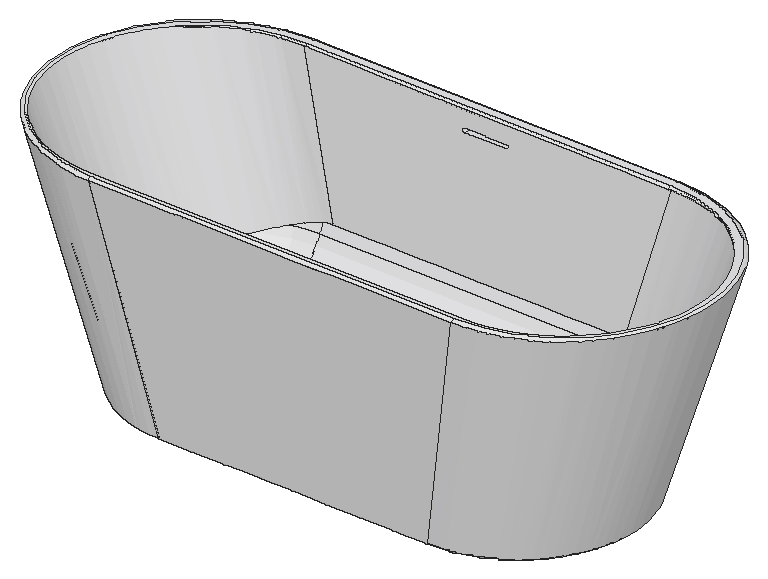
Revit family "Bath-Freestanding-KOHLER-EVOK-K-21095T_1", category Plumbing Fixtures, host Face, Revit 2017
Family settings
  Host = Face
  Round Connector Dimension = Use Diameter
  Part Type = Normal
  OmniClass Number = 23.31.15.00
  OmniClass Title = Bathtubs
  Cut with Voids When Loaded = No
  Shared = No
  Room Calculation Point = No
Parameters (values of type "0-White")
  Width = 66 153/256"  # constant formula
  WaterSense Certified = 1 = 0  # no
  Waste Water Outlet = "Waste Water Outlet"  # constant formula
  Waste Connection = 1 = 1  # yes
  Vent Connection = 1 = 0  # no
  URL = "http://www.kohler.com.cn/"
  Type = 1
  Product Page URL = "https://www.kohler.com.cn/product/K-21095T-0/K-21095T-0/"
  Product Name = "EVOK"  # constant formula
  Product Documentation Link = "https://files.kohler.com.cn/pdfs/1590549810316_K-21095T_cctl.pdf"
  Model = "K-21095T-0"  # constant formula
  Material = "LITHOCAST"  # constant formula
  Master Format 2014 Name = "Residential Bathtubs"  # constant formula
  Master Format 2014 = "22 41 19"  # constant formula
  Manufacturer Address = "Kohler Beijing Office (100016)36-2-03-B, No. 88, Liuxiang Road, Beijing"  # constant formula
  Manufacturer = "KOHLER Co."  # constant formula
  Length = 29 95/256"  # constant formula
  Hot Water Inlet = "Hot Water Inlet"  # constant formula
  Height = 23 105/128"  # constant formula
  HW Connection = 1 = 0  # no
  Finish = Kohler-Lithocast-0-White
  Environmental Product Declaration = ""
  Drain Included = 1 = 1  # yes
  Description = "Eve 1.7m Chimei Stone Bathtub, Project Contribution (including drainage)"  # constant formula
  Default Elevation = 0"
  Declare Label = ""
  Date Modified = "01/21/2021"  # constant formula
  Date Created = "01/21/2021"  # constant formula
  Copyright = "Copyright KOHLER Co."  # constant formula
  Contact Us = "http://www.kohler.com.cn/contact/contact-us/"
  Cold Water Inlet = "Cold Water Inlet"  # constant formula
  CW Connection = 1 = 0  # no
  Assembly Code = "D2010500"
  ADA Compliant = 1 = 0  # no
Reference planes (in)
  plane 1 "Center (Front/Back)": y = 0
  plane 2: z = 0
  plane 3 "Center (Left/Right)": x = 0
  plane 4: y = 14.68504
  plane 5: y = -14.68605
  plane 6: x = -33.30709
  plane 7: x = 33.29057
  plane 8: x = -25.28955
  plane 9: x = 25.308
  plane 10: y = 11.67207
  plane 11: y = -11.67207
  plane 12: z = 23.82031
Dimensions and locks (in)
  "Width": plane 6 to plane 7
  "Length": plane 4 to plane 5
  plane 10 to plane 11 = 23.34414"
  "Height": plane 12 to level
  aligned and locked: plane 2 to host face
  aligned and locked: level to host face
Automatic sketch dimensions
  host sketch curve to host sketch curve = 96"  (x2)
Nested families (in)
  nested 1: "K-21095T" at (0, 0, 0), type "K-21095T"
Connectors (in)
  piping at (0, 0, 2.7084), diameter 0.96484, driven by "Waste Connection", driven by "Waste Water Outlet"
    settings: on nested 1, index 1, connector inside diameter 24", connector length 0", flow factor 0, pipe flow 0 GPM, pressure drop 0.00 psi, fitting loss kfactor 0, connector angle 0.00°, fixture units 0, engagement length 0", angle of deflection 0.00°, flow configuration 0, flow direction 2, fitting loss method 0, system type 16, joint type 0, gender type 0, connector reference index -1, connector utility 1, adjustable connector no, is connector primary yes, connector description "Waste Water Outlet"
Definition of nested family "K-21095T"
  Parameters (values of type "K-21095T")
    Material = none
  Reference planes (in)
    plane 1 "Center (Front/Back)": y = 0
    plane 2: z = 0
    plane 3 "Center (Left/Right)": x = 0
    plane 4: y = 14.68504
    plane 5: y = -14.68504
    plane 6: x = -33.30709
    plane 7: x = 27.5
    plane 8: x = -27.5
    plane 9: y = 13.46457
    plane 10: y = -14.45277
    plane 11: y = -14.25513
    plane 12: y = 14.38976
    plane 13: y = -13.95653
    plane 14: y = 13.17016
    plane 15: y = 8.29792
    plane 16: y = -8.4776
    plane 17: x = 33.2917
    plane 18: z = 22.04724
    plane 19: z = 21.65354
    plane 20: z = 5.03937
    plane 21: z = 23.8189
    plane 22: z = 0.31969
    plane 23: z = 23.60679
    plane 24: z = 0.19685
    plane 25: x = -32.71654
    plane 26: x = 32.76575
    plane 27: x = -25.28955
    plane 28: x = 25.308
    plane 29: y = 11.67207
    plane 30: y = -11.67207
  Forms (in)
    Blend 1, solid, material <- "Material", detail levels medium+fine
      base sketch origin (-0.00364, 1.84989, 0) x (1, 0, 0) y (0, 1, 0)
        loop
          arc (13.81528, -13.51091) -> (25.4763, -1.84985) -> (13.81524, 9.81117) r 11.66104
          line (13.81524, 9.81117) -> (-13.8135, 9.81112)
          arc (-13.8135, 9.81112) -> (-25.47452, -1.84994) -> (-13.81346, -13.51096) r 11.66104
          line (-13.81346, -13.51096) -> (13.81528, -13.51091)
      top sketch origin (-0.00364, 1.84989, 0) x (1, 0, 0) y (0, 1, 0)
        loop
          arc (18.62808, -16.56648) -> (33.34466, -1.84995) -> (18.62813, 12.86663) r 14.71655
          line (18.62813, 12.86663) -> (-18.63873, 12.86669)
          arc (-18.63873, 12.86669) -> (-33.35531, -1.84984) -> (-18.63878, -16.56642) r 14.71655
          line (-18.63878, -16.56642) -> (18.62808, -16.56648)
      from 0.19685 to 24.07757
    Blend 2, void
      base sketch origin (-0.00364, 1.84989, 0) x (1, 0, 0) y (0, 1, 0)
        loop
          arc (13.81528, -13.51091) -> (25.4763, -1.84985) -> (13.81524, 9.81117) r 11.66104
          line (13.81524, 9.81117) -> (-13.8135, 9.81112)
          arc (-13.8135, 9.81112) -> (-25.47452, -1.84994) -> (-13.81346, -13.51096) r 11.66104
          line (-13.81346, -13.51096) -> (13.81528, -13.51091)
      top sketch origin (-0.00364, 1.84989, 0) x (1, 0, 0) y (0, 1, 0)
        loop
          line (-19.02347, -15.87164) -> (19.01611, -15.87161)
          arc (19.01611, -15.87161) -> (32.64068, -2.24702) -> (19.0161, 11.37756) r 13.62459
          line (19.0161, 11.37756) -> (-19.02348, 11.37756)
          arc (-19.02348, 11.37756) -> (-32.64808, -2.24704) -> (-19.02347, -15.87164) r 13.6246
      from 5.03937 to 24.34753
    Sweep 3, solid, material <- "Material", detail levels medium+fine
      path origin (0.125, 0.5625, 0) x (1, 0, 0) y (0, 1, 0)
        loop
          arc (-15.98443, 8.1937) -> (-24.83047, -0.65234) -> (-15.98443, -9.49838) r 8.84604
          line (-15.98443, -9.49838) -> (15.70461, -9.49838)
          arc (15.70461, -9.49838) -> (24.55065, -0.65234) -> (15.70461, 8.1937) r 8.84604
          line (15.70461, 8.1937) -> (-15.98443, 8.1937)
      profile origin (24.67565, -0.08984, 0) x (-1, 0, 0) y (0, 0, 1)
        loop
          line (-2.8141, 8.17094) -> (-3.36429, 9.46709) -> (-2.16576, 4.75607) -> (4.92712, 4.75607) -> (1.65232, 4.98507)
          arc (1.65232, 4.98507) -> (-1.03014, 5.94817) -> (-2.8141, 8.17094) r 5.25
    Extrusion 4, void
      sketch origin (0, 0, 0) x (1, 0, 0) y (0, 1, 0)
        loop
          arc (-13.78565, 10.919) -> (-24.70465, 0) -> (-13.78565, -10.919) r 10.919
          line (-13.78565, -10.919) -> (13.79873, -10.919)
          arc (13.79873, -10.919) -> (24.71773, 0) -> (13.79873, 10.919) r 10.919
          line (13.79873, 10.919) -> (-13.78565, 10.919)
      from -0.83842 to 4.35127
    Extrusion 5, solid, material <- "Material", detail levels medium+fine
      sketch origin (0, 0, 0) x (1, 0, 0) y (0, 1, 0)
        loop
          line (13.77953, 6.69291) -> (13.77953, 3.93701) -> (16.53543, 3.93701) -> (16.53543, 6.69291) -> (13.77953, 6.69291)
        loop
          line (16.53543, -3.93701) -> (13.77953, -3.93701) -> (13.77953, -6.69291) -> (16.53543, -6.69291) -> (16.53543, -3.93701)
        loop
          line (-16.53543, -6.69291) -> (-13.77953, -6.69291) -> (-13.77953, -3.93701) -> (-16.53543, -3.93701) -> (-16.53543, -6.69291)
        loop
          line (-16.53543, 3.93701) -> (-13.77953, 3.93701) -> (-13.77953, 6.69291) -> (-16.53543, 6.69291) -> (-16.53543, 3.93701)
      from 0 to 4.54997
    Revolve 6, solid, material <- "Material", detail levels medium+fine
      sketch origin (0, 0, 0) x (0, 1, 0) y (0, 0, 1)
        loop
          arc (0.59049, 0.59895) -> (1.10545, 0.81225) -> (1.31875, 1.32721) r 0.72826
          line (1.31875, 1.32721) -> (1.31875, 2.56745) -> (1.73228, 2.56745) -> (1.73228, 2.7643) -> (1.31875, 2.7643) -> (1.31875, 4.77685) -> (0, 4.77685) -> (0, 0.59895) -> (0.59049, 0.59895)
        axis (0, 0.59895) -> (0, 4.77685)
      angle from 0 to 360
    Revolve 7, solid, material <- "Material", detail levels medium+fine
      sketch origin (0, 0.00024, 1.27905) x (1, 0, 0) y (0, 1, 0)
        loop
          line (0.63976, -3.58268) -> (0.63976, -2.46485) -> (0.67221, -2.46485) -> (0.67221, -2.06951) -> (0.63976, -2.06951) -> (0.63976, -1.41732) -> (0.59015, -1.41732) -> (0.59015, -0.83268) -> (0, -0.83268) -> (0, -7.27068) -> (0.51181, -7.27068) -> (0.51181, -7.20692)
          arc (0.51181, -7.20692) -> (0.57998, -7.12975) -> (0.51181, -7.05258) r 0.07777
          line (0.51181, -7.05258) -> (0.51181, -6.89003)
          arc (0.51181, -6.89003) -> (0.57998, -6.81286) -> (0.51181, -6.73568) r 0.07777
          line (0.51181, -6.73568) -> (0.51181, -6.57405)
          arc (0.51181, -6.57405) -> (0.57998, -6.49688) -> (0.51181, -6.41971) r 0.07777
          line (0.51181, -6.41971) -> (0.51181, -6.25944)
          arc (0.51181, -6.25944) -> (0.57998, -6.18226) -> (0.51181, -6.10509) r 0.07777
          line (0.51181, -6.10509) -> (0.51181, -5.94171)
          arc (0.51181, -5.94171) -> (0.57998, -5.86454) -> (0.51181, -5.78736) r 0.07777
          line (0.51181, -5.78736) -> (0.51181, -5.62935)
          arc (0.51181, -5.62935) -> (0.57998, -5.55218) -> (0.51181, -5.47501) r 0.07777
          line (0.51181, -5.47501) -> (0.51181, -5.3152)
          arc (0.51181, -5.3152) -> (0.57998, -5.23803) -> (0.51181, -5.16086) r 0.07777
          line (0.51181, -5.16086) -> (0.51181, -5.00105)
          arc (0.51181, -5.00105) -> (0.57998, -4.92388) -> (0.51181, -4.84671) r 0.07777
          line (0.51181, -4.84671) -> (0.51181, -4.68422)
          arc (0.51181, -4.68422) -> (0.57998, -4.60705) -> (0.51181, -4.52988) r 0.07777
          line (0.51181, -4.52988) -> (0.51181, -4.36918)
          arc (0.51181, -4.36918) -> (0.57998, -4.29201) -> (0.51181, -4.21483) r 0.07777
          line (0.51181, -4.21483) -> (0.51181, -4.05469)
          arc (0.51181, -4.05469) -> (0.57998, -3.97752) -> (0.51181, -3.90035) r 0.07777
          line (0.51181, -3.90035) -> (0.51181, -3.73708)
          arc (0.51181, -3.73708) -> (0.57998, -3.65965) -> (0.5113, -3.58268) r 0.07777
          line (0.5113, -3.58268) -> (0.63976, -3.58268)
        axis (0, -7.27068) -> (0, -0.83268)
      angle from 0 to 360
    Sweep 8, solid, material <- "Material", detail levels medium+fine
      path origin (0, 0, 0) x (1, 0, 0) y (0, 1, 0)
        loop
          line (-3.54331, 11.24817) -> (-3.54331, -0.00183)
          arc (-3.54331, -0.00183) -> (0, -3.54514) -> (3.54331, -0.00183) r 3.54331
          line (3.54331, -0.00183) -> (3.54331, 11.24817)
      profile origin (0, -3.54514, 0) x (0, 1, 0) y (0, 0, 1)
        loop
          line (0.00183, 3.79932) -> (0.00183, 3.34656)
          arc (0.00183, 3.34656) -> (0.11717, 3.0681) -> (0.39563, 2.95276) r 0.3938
          line (0.39563, 2.95276) -> (1.06165, 2.95276) -> (1.06165, 5.03937) -> (-0.68835, 5.03937) -> (-0.68835, 4.19094) -> (-0.38979, 4.19094)
          arc (-0.38979, 4.19094) -> (-0.11287, 4.07624) -> (0.00183, 3.79932) r 0.39162
    Extrusion 9, solid, material <- "Material", detail levels medium+fine
      sketch origin (0, 0, 0) x (1, 0, 0) y (0, 1, 0)
        loop
          arc (-2.48166, -0.00183) -> (0, -2.48349) -> (2.48166, -0.00183) r 2.48166
          line (2.48166, -0.00183) -> (2.48166, 11.24817) -> (-2.48166, 11.24817) -> (-2.48166, -0.00183)
      from 2.95276 to 4.35127
    Sweep 10, void
      path origin (0, 0, 0) x (1, 0, 0) y (0, 1, 0)
        loop
          line (18.62449, 14.71652) -> (-18.64237, 14.71659)
          arc (-18.64237, 14.71659) -> (-33.35895, 0.00006) -> (-18.64242, -14.71652) r 14.71655
          line (-18.64242, -14.71652) -> (18.62444, -14.71659)
          arc (18.62444, -14.71659) -> (33.34102, -0.00006) -> (18.62449, 14.71652) r 14.71655
      profile origin (-0.00894, 14.71655, 0) x (-0.000002, -1, 0) y (0, 0, 1)
        loop
          arc (1.2297, 23.8189) -> (1.48528, 23.71951) -> (1.60657, 23.47356) r 0.37831
          line (1.60657, 23.47356) -> (1.68944, 22.52632) -> (1.98016, 22.52632) -> (1.98016, 24.35233) -> (-0.36846, 24.35233) -> (-0.36846, 22.52632) -> (0.13154, 22.52632) -> (0.0152, 23.35412)
          arc (0.0152, 23.35412) -> (0.1113, 23.67857) -> (0.41922, 23.8189) r 0.408
          line (0.41922, 23.8189) -> (1.2297, 23.8189)
    Sweep 11, void
      path origin (0, 0, 0) x (1, 0, 0) y (0, 1, 0)
        loop
          arc (-13.81665, 11.66101) -> (-25.47767, -0.00004) -> (-13.81662, -11.66106) r 11.66104
          line (-13.81662, -11.66106) -> (13.81625, -11.66101)
          arc (13.81625, -11.66101) -> (25.47727, 0.00004) -> (13.81621, 11.66106) r 11.66104
          line (13.81621, 11.66106) -> (-13.81665, 11.66101)
      profile origin (-0.00022, 11.66104, 0) x (-0.000002, 1, 0) y (0, 0, 1)
        loop
          arc (0.17008, 0.57692) -> (0.01411, 0.29842) -> (-0.28535, 0.18794) r 0.46111
          line (-0.28535, 0.18794) -> (-0.58021, 0.18794) -> (-0.58021, -0.21155) -> (0.45073, -0.21155) -> (0.45073, 0.83754) -> (0.21136, 0.83754) -> (0.17008, 0.57692)
    Extrusion 12, void
      sketch origin (0, 0, 0) x (1, 0, 0) y (0, 0, 1)
        loop
          line (2.16524, 22.04724) -> (-2.16503, 22.04724)
          arc (-2.16503, 22.04724) -> (-2.36188, 21.85039) -> (-2.16503, 21.65354) r 0.19685
          line (-2.16503, 21.65354) -> (2.16524, 21.65354)
          arc (2.16524, 21.65354) -> (2.36209, 21.85039) -> (2.16524, 22.04724) r 0.19685
      from -13.95761 to -12.65422
    Extrusion 13, solid, detail levels medium+fine
      sketch origin (0, 0, 0) x (1, 0, 0) y (0, 1, 0)
        loop
          circle (0, 0) r 1.73228
      from 2.42965 to 5.0886
    Sweep 14, solid, material <- "Material", detail levels coarse
      path origin (0, 0, 0) x (1, 0, 0) y (0, 1, 0)
        loop
          arc (-19.3414, 14.65614) -> (-33.99753, 0.00006) -> (-19.34145, -14.65608) r 14.65611
          line (-19.34145, -14.65608) -> (18.77295, -14.65614)
          arc (18.77295, -14.65614) -> (33.42909, -0.00005) -> (18.773, 14.65608) r 14.65611
          line (18.773, 14.65608) -> (-19.3414, 14.65614)
      profile origin (-0.2842, 14.65611, 0) x (0.000002, 1, 0) y (0, 0, 1)
        loop
          line (-2.72932, 0) -> (1.06421, 23.95144) -> (-1.18579, 23.95144) -> (-4.27537, 4.4446) -> (-7.69903, 4.4446) -> (-7.69903, 0) -> (-2.72932, 0)
    Extrusion 15, solid, material <- "Material", detail levels coarse
      sketch origin (0, 0, 0) x (1, 0, 0) y (0, 1, 0)
        loop
          line (-19.34143, -6.95705) -> (18.77297, -6.95711)
          arc (18.77297, -6.95711) -> (25.73006, -0.00004) -> (18.77299, 6.95705) r 6.95708
          line (18.77299, 6.95705) -> (-19.34141, 6.95711)
          arc (-19.34141, 6.95711) -> (-26.2985, 0.00004) -> (-19.34143, -6.95705) r 6.95708
      from 0 to 4.4446
  Cuts and joins
    Blend 2, Extrusion 4, Sweep 10, Sweep 11, Extrusion 12 cuts Blend 1
    Extrusion 12 cuts Sweep 3
    Extrusion 12 cuts Extrusion 5
    Extrusion 12 cuts Revolve 6
    Extrusion 12 cuts Revolve 7
    Extrusion 12 cuts Sweep 8
    Extrusion 12 cuts Extrusion 9
    joined: Blend 1, Sweep 3, Extrusion 5, Revolve 6, Revolve 7, Sweep 8, Extrusion 9
    joined: Sweep 14, Extrusion 15
  Lines and regions (in)
    Masking region 1
      outline origin (0, 0, 0) x (1, 0, 0) y (0, 1, 0)
        loop
          arc (-18.6647, 14.68504) -> (-33.34974, 0) -> (-18.6647, -14.68504) r 14.68504
          line (-18.6647, -14.68504) -> (18.60362, -14.68504)
          arc (18.60362, -14.68504) -> (33.28866, 0) -> (18.60362, 14.68504) r 14.68504
          line (18.60362, 14.68504) -> (-18.6647, 14.68504)
    Masking region 2
      outline origin (0, 0, 0) x (1, 0, 0) y (0, 0, 1)
        loop
          arc (-32.93779, 23.8189) -> (-33.043, 23.81103) -> (-33.14586, 23.7876) r 0.70728
          arc (-33.14586, 23.7876) -> (-33.2792, 23.67586) -> (-33.29232, 23.50238) r 0.22395
          line (-33.29232, 23.50238) -> (-25.52331, 0.32632)
          arc (-25.52331, 0.32632) -> (-25.41921, 0.23127) -> (-25.28251, 0.19685) r 0.28867
          line (-25.28251, 0.19685) -> (-16.53543, 0.19685) -> (-16.53543, 0) -> (-13.77953, 0) -> (-13.77953, 0.19685) -> (13.77953, 0.19685) -> (13.77953, 0) -> (16.53543, 0) -> (16.53543, 0.19685) -> (25.2821, 0.19685)
          arc (25.2821, 0.19685) -> (25.41645, 0.22936) -> (25.52109, 0.31969) r 0.2939
          line (25.52109, 0.31969) -> (33.27652, 23.45525)
          arc (33.27652, 23.45525) -> (33.25369, 23.67716) -> (33.07167, 23.80611) r 0.26994
          arc (33.07167, 23.80611) -> (33.00503, 23.81569) -> (32.93779, 23.8189) r 0.70728
          line (32.93779, 23.8189) -> (-32.93779, 23.8189)
    Masking region 3
      outline origin (0, 0, 0) x (0, 1, 0) y (0, 0, 1)
        loop
          line (14.31682, 23.8189) -> (-14.31682, 23.8189)
          arc (-14.31682, 23.8189) -> (-14.52929, 23.76208) -> (-14.68504, 23.60679) r 0.42567
          line (-14.68504, 23.60679) -> (-11.67207, 0.29761)
          arc (-11.67207, 0.29761) -> (-11.58063, 0.22339) -> (-11.46589, 0.19685) r 0.26132
          line (-11.46589, 0.19685) -> (-6.69291, 0.19685) -> (-6.69291, 0) -> (-3.93701, 0) -> (-3.93701, 0.19685) -> (3.93701, 0.19685) -> (3.93701, 0) -> (6.69291, 0) -> (6.69291, 0.19685) -> (11.46589, 0.19685)
          arc (11.46589, 0.19685) -> (11.58063, 0.22339) -> (11.67207, 0.29761) r 0.26132
          line (11.67207, 0.29761) -> (14.68504, 23.60679)
          arc (14.68504, 23.60679) -> (14.52929, 23.76208) -> (14.31682, 23.8189) r 0.42567
    symbolic lines
      curve 1: line (18.62449, 13.17016, 0) -> (-18.8953, 13.17015, 0)
      curve 6: line (-18.8832, -13.95654, 0) -> (18.86881, -13.95651, 0)
      curve 7: arc (-28.73285, 8.94866, 0) -> (-31.3498, -5.74704, 0) -> (-18.8832, -13.95654, 0) r 13.57036
      curve 8: spline (-18.8953, 13.16882, 0) -> (-19.81135, 13.13788, 0) -> (-20.72327, 13.04518, 0) -> (-21.6269, 12.89116, 0) -> (-22.51813, 12.67652, 0) -> (-23.39289, 12.40223, 0) -> (-24.2472, 12.06955, 0) -> (-25.07715, 11.67999, 0) -> (-25.87896, 11.23533, 0) -> (-26.64899, 10.73759, 0) -> (-27.38371, 10.18905, 0) -> (-28.07978, 9.59221, 0) -> (-28.73402, 8.94978, 0)
      curve 9: line (28.66294, 9.00688, 0) -> (18.62449, 13.17016, 0)
      curve 10: arc (18.86881, -13.95651, 0) -> (31.35122, -5.71004, 0) -> (28.66294, 9.00688, 0) r 13.57035
      curve 23: arc (0, -1.31875, 0) -> (1.31875, 0, 0) -> (0, 1.31875, 0) r 1.31875
      curve 24: arc (0, 1.31875, 0) -> (-1.31875, 0, 0) -> (0, -1.31875, 0) r 1.31875
    symbolic lines, detail levels medium+fine
      curve 2: line (-15.76518, 11.67207, 0) -> (15.82801, 11.67207, 0)
      curve 3: line (15.82961, 8.29792, 0) -> (-15.85943, 8.29792, 0)
      curve 4: line (-15.85943, -8.4776, 0) -> (15.82961, -8.4776, 0)
      curve 5: line (15.82801, -11.67207, 0) -> (-15.76518, -11.67207, 0)
      curve 11: arc (-15.85943, 8.29792, 0) -> (-24.24719, -0.08984, 0) -> (-15.85943, -8.4776, 0) r 8.38776
      curve 12: arc (15.82961, -8.4776, 0) -> (24.21737, -0.08984, 0) -> (15.82961, 8.29792, 0) r 8.38776
      curve 13: line (18.80986, 13.46457, 0) -> (-18.86213, 13.46457, 0)
      curve 14: line (-18.86213, -14.25513, 0) -> (18.7435, -14.25513, 0)
      curve 15: line (-18.69343, -14.45277, 0) -> (18.80986, -14.45277, 0)
      curve 16: line (-18.69343, 14.38976, 0) -> (18.7435, 14.38976, 0)
      curve 17: arc (-18.69343, 14.38976, 0) -> (-33.11469, -0.0315, 0) -> (-18.69343, -14.45277, 0) r 14.42127
      curve 18: arc (-18.86213, 13.46457, 0) -> (-32.72198, -0.39528, 0) -> (-18.86213, -14.25513, 0) r 13.85985
      curve 19: arc (18.7435, -14.25513, 0) -> (33.06594, 0.06732, 0) -> (18.7435, 14.38976, 0) r 14.32245
      curve 20: arc (18.80986, -14.45277, 0) -> (32.76852, -0.4941, 0) -> (18.80986, 13.46457, 0) r 13.95867
      curve 21: arc (0, 1.73228, 0) -> (-1.73228, 0, 0) -> (0, -1.73228, 0) r 1.73228
      curve 22: arc (0, -1.73228, 0) -> (1.73228, 0, 0) -> (0, 1.73228, 0) r 1.73228
      curve 25: line (-16.53543, 0, 0.19685) -> (-13.77953, 0, 0.19685)
      curve 26: line (13.77953, 0, 0.19685) -> (16.53543, 0, 0.19685)
      curve 27: line (-25.52109, 0, 0.31969) -> (25.52109, 0, 0.31969)
      curve 28: line (33.28237, 0, 23.60679) -> (-33.30145, 0, 23.60679)
      curve 29: line (0, 14.68504, 23.60679) -> (0, -14.68504, 23.60679)
      curve 30: line (0, 6.69291, 0.19685) -> (0, 3.93701, 0.19685)
      curve 31: line (0, -3.93701, 0.19685) -> (0, -6.69291, 0.19685)
      curve 32: line (0, -11.67492, 0.31969) -> (0, 11.67492, 0.31969)
      curve 33: arc (-15.76518, -11.67207, 0) -> (-27.43725, 0, 0) -> (-15.76518, 11.67207, 0) r 11.67207
      curve 34: arc (15.82801, 11.67207, 0) -> (27.50008, 0, 0) -> (15.82801, -11.67207, 0) r 11.67207
  Dimensions and locks (in)
    plane 5 to plane 4 = 29.37008"
    plane 5 to plane 1 "Center (Front/Back)" to plane 4 = 14.68504", 14.68504"
    plane 9 to plane 4 = 1.22047"
    plane 8 to plane 7 = 55"
    plane 6 to plane 17 = 66.59878"
    plane 19 to plane 20 = 16.61417"
    plane 18 to plane 20 = 17.00787"
    plane 21 to level = 23.8189"
    plane 17 to plane 3 "Center (Left/Right)" to plane 6 = 33.2917", 33.30709"
    plane 25 to plane 3 "Center (Left/Right)" = 32.71654"
    plane 28 to plane 27 = 50.59755"
    plane 29 to plane 30 = 23.34414"
    aligned and locked: plane 2 to level
